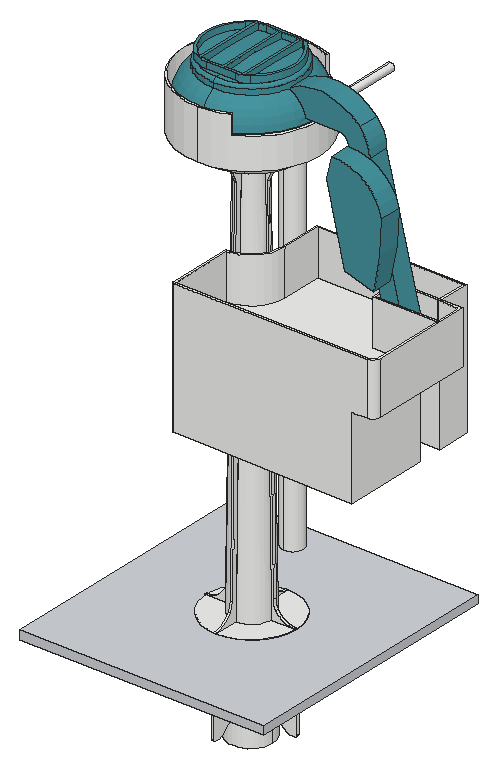
Revit family "806290001-HidroPlus baja", category Plumbing Fixtures, host Face, Revit 2021
Family settings
  Host = Face
  Round Connector Dimension = Use Diameter
  Part Type = Normal
  Cut with Voids When Loaded = No
  Shared = No
  Room Calculation Point = No
Parameters
  Default Elevation = 1219.2 mm
Reference planes
  plane 1 "Center (Front/Back)": y = 0
  plane 2: z = 0
  plane 3 "Center (Left/Right)": x = 0
Forms (mm)
  Extrusion 1, solid
    sketch origin (0, 0, 0) x (1, 0, 0) y (0, 1, 0)
      loop
        line (-57.979, 61.917) -> (-57.979, -64.364) -> (57.164, -64.364) -> (57.164, 61.917) -> (-57.979, 61.917)
    from 0 to 3.979
  Extrusion 2, solid, detail levels coarse
    sketch origin (0, 0, 0) x (1, 0, 0) y (0, 1, 0)
      loop
        line (-32.006, -47.235) -> (94.201, -47.235) -> (94.201, 72.654) -> (-32.006, 72.654) -> (-32.006, -47.235)
    from -48.188 to 242.314
Dimensions and locks
  aligned and locked: plane 2 to Extrusion 1
  aligned and locked: level to Extrusion 1
  aligned and locked: Extrusion 1 to nested 1
Nested families
  nested 1: "FT-806290001" at (0, 0, -48.188), type "FT-806290001", detail levels medium+fine
Connectors
  piping at (-0.5, 0, -48.188), diameter 12.7
    settings: on nested 1, index 1, connector inside diameter 24", connector length 0 mm, flow factor 0, pipe flow 0 GPM, pressure drop 0.00 psi, fitting loss kfactor 0, connector angle 0.00°, fixture units 0, engagement length 0 mm, angle of deflection 0.00°, flow configuration 0, flow direction 2, fitting loss method 0, system type 20, joint type 0, gender type 0, connector reference index -1, connector utility 0, adjustable connector no, is connector primary yes, connector description ""
Definition of nested family "FT-806290001"
  Parameters (values of type "FT-806290001")
    Default Elevation = 0 mm
  Reference planes
    plane 1 "Center (Front/Back)": y = 0
    plane 2: z = 0
    plane 3 "Center (Left/Right)": x = 0
  Forms (mm)
    Extrusion 1, solid
      sketch origin (-0.5, 0, 0) x (1, 0, 0) y (0, 1, 0)
        loop
          circle (0, 0) r 10.5
      from 0 to 40.025
    Revolve 2, solid
      sketch origin (0, 0, 0) x (0, 1, 0) y (0, 0, 1)
        loop
          line (0, 10.625) -> (0, 20) -> (-20.191, 20) -> (-20.191, 17.97) -> (-11.31, 17.97) -> (-11.31, 10.625) -> (0, 10.625)
        axis (0, 10.625) -> (0, 20)
      angle from 0 to 360
    Extrusion 3, solid
      sketch origin (-1, 0, 0) x (0, 1, 0) y (0, 0, 1)
        loop
          line (-20.191, 20) -> (-22.186, 20) -> (-22.186, 7.605)
          arc (-22.186, 7.605) -> (-21.972, 7.087) -> (-21.454, 6.872) r 0.733
          line (-21.454, 6.872) -> (-19.094, 6.872)
          arc (-19.094, 6.872) -> (-18.34, 7.046) -> (-17.657, 7.408) r 2.964
          line (-17.657, 7.408) -> (-11.163, 12.857) -> (-11.163, 17.97) -> (-20.191, 17.97) -> (-20.191, 20)
        loop
          line (-21.096, 52.167) -> (-9.554, 52.167) -> (-6.5, 250) -> (-14.385, 250) -> (-8.574, 237.538) -> (-11.292, 61.42)
          arc (-11.292, 61.42) -> (-11.561, 59.188) -> (-12.286, 57.06) r 10.799
          arc (-12.286, 57.06) -> (-16.057, 53.473) -> (-21.096, 52.167) r 10.379
      from 0 to 1
    Revolve 4, solid
      sketch origin (0, 0, 0) x (0, 1, 0) y (0, 0, 1)
        loop
          line (0, 40.025) -> (0, 52.167) -> (-21.096, 52.167) -> (-21.096, 48.188) -> (-12.933, 40.025) -> (0, 40.025)
        axis (0, 40.025) -> (0, 52.167)
      angle from 0 to 360
    Revolve 5, solid
      sketch origin (0, 0, 0) x (0, 1, 0) y (0, 0, 1)
        loop
          line (0, 250) -> (-6.5, 250) -> (-9.554, 52.167) -> (0, 52.167) -> (0, 250)
        axis (0, 52.167) -> (0, 250)
      angle from 0 to 360
    Extrusion 6, solid
      sketch origin (-1, 0, 0) x (0, -1, 0) y (0, 0, -1)
        loop
          line (-20.191, -20) -> (-20.191, -17.97) -> (-11.163, -17.97) -> (-11.163, -12.857) -> (-17.657, -7.408)
          arc (-17.657, -7.408) -> (-18.34, -7.046) -> (-19.094, -6.872) r 2.964
          line (-19.094, -6.872) -> (-21.454, -6.872)
          arc (-21.454, -6.872) -> (-21.972, -7.087) -> (-22.186, -7.605) r 0.733
          line (-22.186, -7.605) -> (-22.186, -20) -> (-20.191, -20)
        loop
          arc (-21.096, -52.167) -> (-16.057, -53.473) -> (-12.286, -57.06) r 10.379
          arc (-12.286, -57.06) -> (-11.561, -59.188) -> (-11.292, -61.42) r 10.799
          line (-11.292, -61.42) -> (-8.574, -237.538) -> (-14.385, -250) -> (-6.5, -250) -> (-9.554, -52.167) -> (-21.096, -52.167)
      from 0 to 1
    Extrusion 7, solid
      sketch origin (-0.5, 0.5, 0) x (-1, 0, 0) y (0, 0, -1)
        loop
          line (-20.191, -20) -> (-20.191, -17.97) -> (-11.163, -17.97) -> (-11.163, -12.857) -> (-17.657, -7.408)
          arc (-17.657, -7.408) -> (-18.34, -7.046) -> (-19.094, -6.872) r 2.964
          line (-19.094, -6.872) -> (-21.454, -6.872)
          arc (-21.454, -6.872) -> (-21.972, -7.087) -> (-22.186, -7.605) r 0.733
          line (-22.186, -7.605) -> (-22.186, -20) -> (-20.191, -20)
        loop
          arc (-21.096, -52.167) -> (-16.057, -53.473) -> (-12.286, -57.06) r 10.379
          arc (-12.286, -57.06) -> (-11.561, -59.188) -> (-11.292, -61.42) r 10.799
          line (-11.292, -61.42) -> (-8.574, -237.538) -> (-14.385, -250) -> (-6.5, -250) -> (-9.554, -52.167) -> (-21.096, -52.167)
      from 0 to 1
    Extrusion 8, solid
      sketch origin (-0.5, 0.5, 0) x (1, 0, 0) y (0, 0, 1)
        loop
          line (-20.191, 20) -> (-22.186, 20) -> (-22.186, 7.605)
          arc (-22.186, 7.605) -> (-21.972, 7.087) -> (-21.454, 6.872) r 0.733
          line (-21.454, 6.872) -> (-19.094, 6.872)
          arc (-19.094, 6.872) -> (-18.34, 7.046) -> (-17.657, 7.408) r 2.964
          line (-17.657, 7.408) -> (-11.163, 12.857) -> (-11.163, 17.97) -> (-20.191, 17.97) -> (-20.191, 20)
        loop
          line (-21.096, 52.167) -> (-9.554, 52.167) -> (-6.5, 250) -> (-14.385, 250) -> (-8.574, 237.538) -> (-11.292, 61.42)
          arc (-11.292, 61.42) -> (-11.561, 59.188) -> (-12.286, 57.06) r 10.799
          arc (-12.286, 57.06) -> (-16.057, 53.473) -> (-21.096, 52.167) r 10.379
      from 0 to 1
    Revolve 9, solid
      sketch origin (0, 0, 0) x (0, 1, 0) y (0, 0, 1)
        loop
          line (0, 280) -> (-32.006, 280) -> (-32.006, 256.457) -> (-24.432, 256.457) -> (-24.432, 253.228)
          arc (-24.432, 253.228) -> (-23.486, 250.946) -> (-21.203, 250) r 3.228
          line (-21.203, 250) -> (0, 250) -> (0, 280)
        axis (0, 250) -> (0, 280)
      angle from 0 to 360
    Extrusion 10, void
      sketch origin (-0.5, 0, 0) x (1, 0, 0) y (0, 1, 0)
        loop
          circle (0, 0) r 31.006
      from 268.44 to 287.837
    Extrusion 11, solid
      sketch origin (-68.625, -16.875, 0) x (1, 0, 0) y (0, 1, 0)
        loop
          line (162.826, 23.831) -> (152.826, 23.831) -> (152.826, 38.831)
          arc (152.826, 38.831) -> (117.326, 40.251) -> (81.826, 38.831) r 444.516
          line (81.826, 38.831) -> (81.826, 18.722)
          arc (81.826, 18.722) -> (77.433, 8.115) -> (66.826, 3.722) r 15
          line (66.826, 3.722) -> (66.826, -27.05)
          arc (66.826, -27.05) -> (67.112, -27.839) -> (67.838, -28.261) r 1.23
          arc (67.838, -28.261) -> (113.754, -30.359) -> (159.678, -28.448) r 526.97
          arc (159.678, -28.448) -> (161.934, -27.157) -> (162.826, -24.717) r 3.785
          line (162.826, -24.717) -> (162.826, 23.831)
      from 147.715 to 210.602
    Extrusion 12, void
      sketch origin (-0.5, 2.5, 0) x (1, 0, 0) y (0, 1, 0)
        loop
          arc (-0.299, -46.631) -> (45.558, -48.734) -> (91.423, -46.83) r 525.97
          arc (91.423, -46.83) -> (93.057, -45.873) -> (93.701, -44.092) r 2.785
          line (93.701, -44.092) -> (93.701, 3.456) -> (83.701, 3.456) -> (83.701, 18.532)
          arc (83.701, 18.532) -> (49.201, 19.876) -> (14.701, 18.532) r 443.516
          line (14.701, 18.532) -> (14.701, -0.653)
          arc (14.701, -0.653) -> (10.363, -11.608) -> (-0.299, -16.622) r 16
          line (-0.299, -16.622) -> (-0.299, -46.631)
      from 189.166 to 213.621
    Revolve 13, solid
      sketch origin (0, 0, 0) x (0, 1, 0) y (0, 0, 1)
        loop
          line (0, 271.295) -> (0, 288.945)
          arc (0, 288.945) -> (-10.424, 288.327) -> (-20.832, 287.488) r 492.441
          arc (-20.832, 287.488) -> (-21.917, 287.039) -> (-22.366, 285.954) r 1.534
          line (-22.366, 285.954) -> (-22.366, 283.512)
          arc (-22.366, 283.512) -> (-27.738, 278.375) -> (-30, 271.295) r 15.064
          line (-30, 271.295) -> (0, 271.295)
        axis (0, 271.295) -> (0, 288.945)
      angle from 0 to 360
    Extrusion 14, void
      sketch origin (-0.5, 0, 0) x (1, 0, 0) y (0, 1, 0)
        loop
          line (13.287, -29.117) -> (33.287, -29.117) -> (33.287, 30.883) -> (13.287, 30.883) -> (13.287, -29.117)
      from 271.295 to 283.512
    Extrusion 15, solid
      sketch origin (75.985, 205, 0) x (-1, 0, 0) y (0, 0, -1)
        loop
          line (59.933, -279.362) -> (59.933, -273.689) -> (31.424, -273.689)
          arc (31.424, -273.689) -> (27.707, -272.149) -> (26.167, -268.432) r 5.257
          line (26.167, -268.432) -> (11.542, -212.488) -> (4.922, -185.936) -> (-3.829, -185.936) -> (16.403, -267.083)
          arc (16.403, -267.083) -> (17.742, -273.331) -> (21.119, -278.755) r 18.571
          arc (21.119, -278.755) -> (40.393, -287.556) -> (59.933, -279.362) r 26.414
      from 200 to 210
    Extrusion 16, void
      sketch origin (249.282, 63.567, 0) x (0, 1, 0) y (0, 0, -1)
        loop
          line (-113.033, -147.715) -> (-113.033, -185.936) -> (-38.033, -185.936) -> (-38.033, -147.715) -> (-113.033, -147.715)
      from 155.081 to 165.081
    Extrusion 17, void
      sketch origin (249.282, 63.567, 0) x (0, 1, 0) y (0, 0, -1)
        loop
          line (-69.719, -241.059) -> (-57.611, -241.059) -> (-57.611, -145.522) -> (-69.719, -145.522) -> (-69.719, -241.059)
      from 165.081 to 180.403
    Extrusion 18, solid
      sketch origin (-0.5, 2.5, 189.166) x (1, 0, 0) y (0, 1, 0)
        loop
          arc (-14.858, -17.476) -> (-10.898, -19.782) -> (-6.383, -20.561) r 12.924
          arc (-6.383, -20.561) -> (0.508, -20.272) -> (7.393, -20.66) r 70.32
          arc (7.393, -20.66) -> (10.52, -20.25) -> (13.342, -18.842) r 9.533
          arc (13.342, -18.842) -> (21.096, -2.5) -> (13.342, 13.842) r 21.096
          arc (13.342, 13.842) -> (10.52, 15.25) -> (7.393, 15.66) r 9.533
          arc (7.393, 15.66) -> (0.508, 15.272) -> (-6.383, 15.561) r 70.32
          arc (-6.383, 15.561) -> (-10.898, 14.782) -> (-14.858, 12.476) r 12.924
          arc (-14.858, 12.476) -> (-21.096, -2.5) -> (-14.858, -17.476) r 21.096
        loop
          arc (-14.181, -16.739) -> (-12.693, -17.813) -> (-11.058, -18.647) r 11.924
          line (-11.058, -18.647) -> (-11.058, 13.647)
          arc (-11.058, 13.647) -> (-12.693, 12.813) -> (-14.181, 11.739) r 11.924
          arc (-14.181, 11.739) -> (-20.096, -2.5) -> (-14.181, -16.739) r 20.096
        loop
          arc (-6.431, -19.561) -> (-3.21, -19.343) -> (0.018, -19.271) r 71.32
          line (0.018, -19.271) -> (0.018, 14.271)
          arc (0.018, 14.271) -> (-3.21, 14.343) -> (-6.431, 14.561) r 71.32
          arc (-6.431, 14.561) -> (-8.266, 14.426) -> (-10.058, 14.011) r 11.924
          line (-10.058, 14.011) -> (-10.058, -19.011)
          arc (-10.058, -19.011) -> (-8.266, -19.426) -> (-6.431, -19.561) r 11.924
        loop
          arc (7.462, -19.662) -> (8.604, -19.622) -> (9.731, -19.429) r 8.533
          line (9.731, -19.429) -> (9.731, 14.429)
          arc (9.731, 14.429) -> (8.604, 14.622) -> (7.462, 14.662) r 8.533
          arc (7.462, 14.662) -> (4.245, 14.397) -> (1.018, 14.278) r 71.32
          line (1.018, 14.278) -> (1.018, -19.278)
          arc (1.018, -19.278) -> (4.245, -19.397) -> (7.462, -19.662) r 71.32
        loop
          arc (12.731, 13.049) -> (11.767, 13.653) -> (10.731, 14.122) r 8.533
          line (10.731, 14.122) -> (10.731, -19.122)
          arc (10.731, -19.122) -> (11.767, -18.653) -> (12.731, -18.049) r 8.533
          arc (12.731, -18.049) -> (20.096, -2.5) -> (12.731, 13.049) r 20.096
      from 98.322 to 101.336
    Extrusion 19, solid
      sketch origin (-0.5, 2.5, 189.166) x (1, 0, 0) y (0, 1, 0)
        loop
          line (93.701, -8.652) -> (64.196, -8.652) -> (64.196, 3.456) -> (83.701, 3.456) -> (83.701, 4.456) -> (63.196, 4.456) -> (63.196, -9.652) -> (93.701, -9.652) -> (93.701, -8.652)
      from 0 to 21.435
    Extrusion 20, solid
      sketch origin (75.272, 195, 0) x (-1, 0, 0) y (0, 0, -1)
        loop
          line (25.57, -268.812) -> (27.664, -258.687) -> (19.206, -222.759) -> (5.812, -218.664)
          arc (5.812, -218.664) -> (2.785, -234.59) -> (1.611, -250.758) r 140.657
          arc (1.611, -250.758) -> (10.415, -263.998) -> (25.57, -268.812) r 23.963
      from 200 to 210
    Revolve 21, solid
      sketch origin (7.407, 51.067, 0) x (0, -1, 0) y (0, 0, -1)
        loop
          line (36.106, -253.34) -> (41.106, -253.34) -> (41.106, -76.457) -> (36.106, -76.457) -> (36.106, -253.34)
        axis (36.106, -253.34) -> (36.106, -76.457)
      angle from 0 to 360
    Revolve 22, solid
      sketch origin (7.407, 264.94, 289.564) x (0, 0, -1) y (0, 1, 0)
        loop
          line (36.106, -253.34) -> (37.942, -253.34) -> (37.942, -192.286) -> (36.106, -192.286) -> (36.106, -253.34)
        axis (36.106, -253.34) -> (36.106, -192.286)
      angle from 0 to 360
  Cuts and joins
    Extrusion 10 cuts Extrusion 1
    Extrusion 10 cuts Revolve 2
    Extrusion 10 cuts Extrusion 3
    Extrusion 10 cuts Revolve 4
    Extrusion 10 cuts Revolve 5
    Extrusion 10 cuts Extrusion 6
    Extrusion 10 cuts Extrusion 7
    Extrusion 10 cuts Extrusion 8
    Extrusion 10, Extrusion 14 cuts Revolve 9
    joined: Revolve 9, Revolve 21
    Extrusion 12, Extrusion 14, Extrusion 16, Extrusion 17 cuts Extrusion 11
    joined: Revolve 13, Extrusion 15
  Dimensions and locks
    aligned and locked: level to plane 2
